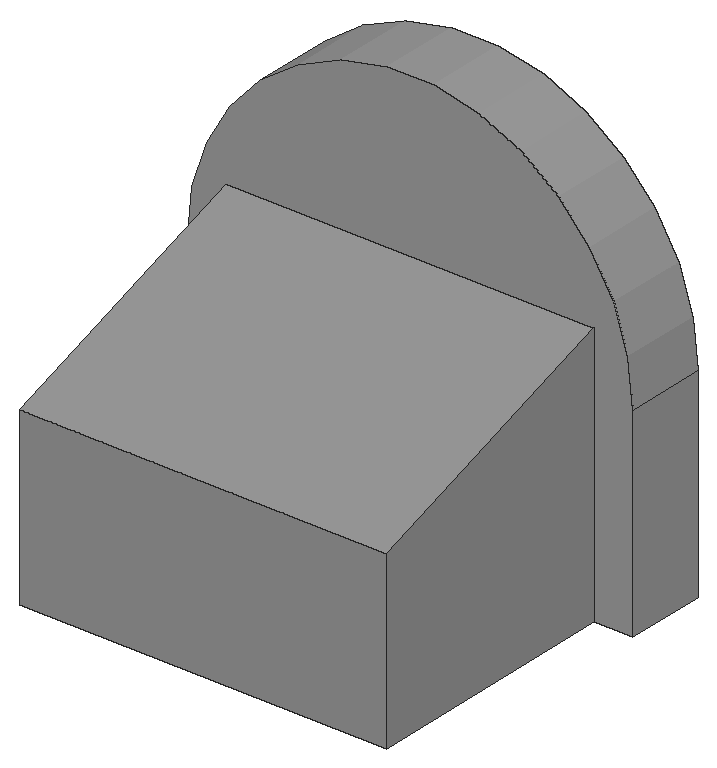
Revit family "AquaWave-Lavatory-1_Station-Willoughby-WAW-2311-DMF", category Plumbing Fixtures, Revit 2015
Parameters (values of type "Standard")
  water line = Copper
  Waste Connection = yes
  Vent Connection = no
  URL = "https://www.willoughby-ind.com/wp-content/uploads/2018/01/WAW-2311-DMF.pdf"
  Solid Surface Sink = Solid Surface Acrylic Resin-Willoughby
  Revision = "A"
  Model = "WAW-2311-DMF"
  Manufacturer = "Willoughby Industries"
  HW Connection = yes
  Fixture Body = Stainless Steel AISI 304-Willoughby
  Description = "Single Station Aquawave Lavatory"
  DRAIN RAD = DRAIN DIA / 2  # 3/4"
  DRAIN DIA = 1 1/2"
  HW INLET RAD = HW INLET DIA / 2  # 1/4"
  HW INLET DIA = 1/2"
  Default Elevation = 0' - 0"
  Contact Info = "(800) 428-4065"
  CW INLET RAD = CW INLET DIA / 2  # 1/4"
  CW INLET DIA = 1/2"
  CW Connection = yes
Reference planes (in)
  plane 1 "Center (Front/Back)": y = 0
  plane 2: z = 0
  plane 3 "Center (Left/Right)": x = 0
  plane 4: y = 20
  plane 5: y = 24
  plane 6: x = 6
  plane 7: x = 2
Forms (in)
  Extrusion 1, solid, material "Solid Surface Acrylic Resin-Willoughby" <- "Solid Surface Sink", detail levels fine
    sketch origin (0, 4.5, 0) x (1, 0, 0) y (0, 0, 1)
      loop
        line (6.25, 0) -> (6.25, 4)
        arc (6.25, 4) -> (5.66421, 5.41421) -> (4.25, 6) r 2
        line (4.25, 6) -> (-4.25, 6)
        arc (-4.25, 6) -> (-5.66421, 5.41421) -> (-6.25, 4) r 2
        line (-6.25, 4) -> (-6.25, 0) -> (6.25, 0)
    from -31 to -26.25
  Extrusion 2, solid, material "Solid Surface Acrylic Resin-Willoughby" <- "Solid Surface Sink", detail levels fine
    sketch origin (0, 4.5, 0) x (1, 0, 0) y (0, 0, 1)
      loop
        line (11, 0) -> (11, 10.01744)
        arc (11, 10.01744) -> (0, 21.01744) -> (-11, 10.01744) r 11
        line (-11, 10.01744) -> (-11, 0) -> (11, 0)
    from -29 to -25
  Extrusion 3, void, detail levels fine
    sketch origin (0, 4.5, 0) x (1, 0, 0) y (0, 0, 1)
      loop
        line (8, 5) -> (8, 10.01744)
        arc (8, 10.01744) -> (0, 18.01744) -> (-8, 10.01744) r 8
        line (-8, 10.01744) -> (-8, 5)
        arc (-8, 5) -> (-7.41421, 3.58579) -> (-6, 3) r 2
        line (-6, 3) -> (6, 3)
        arc (6, 3) -> (7.41421, 3.58579) -> (8, 5) r 2
    from -29 to -27
  Extrusion 4, solid, material "Stainless Steel AISI 304-Willoughby" <- "Fixture Body", detail levels fine
    sketch origin (-5.31377, -3.08932, 0) x (1, 0, 0) y (0, 1, 0)
      loop
        circle (5.31377, 28.08932) r 0.75
    from 0 to 1.4492
  Extrusion 5, solid, material "Copper" <- "water line", detail levels fine
    sketch origin (-3.25, 0, 0) x (1, 0, 0) y (0, 1, 0)
      loop
        circle (5.25, 26) r 0.25
    from 0 to 1.4492
  Extrusion 6, solid, material "Copper" <- "water line", detail levels fine
    sketch origin (-7.25, -2.26052, 0) x (1, 0, 0) y (0, 1, 0)
      loop
        circle (5.25, 28.26052) r 0.25
    from 0 to 1.4492
  Extrusion 7, solid, material "Stainless Steel AISI 304-Willoughby" <- "Fixture Body", detail levels medium+fine
    sketch origin (0, 0, 0) x (0, 1, 0) y (0, 0, 1)
      loop
        line (29.5, 0) -> (29.5, 13) -> (16.75, 8.625) -> (16.75, 0) -> (29.5, 0)
    from -9.0625 to 9.0625
Cuts and joins
  Extrusion 3 cuts Extrusion 2
  joined: Extrusion 1, Extrusion 2
Lines and regions (in)
  symbolic lines
    curve 1: line (8.75, 29.5, 0) -> (8.75, 17, 0)
    curve 2: line (8.75, 17, 0) -> (-8.75, 17, 0)
    curve 3: line (-8.75, 17, 0) -> (-8.75, 29.5, 0)
    curve 4: line (11, 29.5, 0) -> (-11, 29.5, 0)
    curve 5: line (-11, 29.5, 0) -> (-11, 33.5, 0)
    curve 6: line (-11, 33.5, 0) -> (11, 33.5, 0)
    curve 7: line (11, 33.5, 0) -> (11, 29.5, 0)
    curve 8: line (8.75, 18.6077, 0) -> (-8.75, 18.6077, 0)
    curve 18: line (11, 0, 0) -> (11, 0, 10.01744)
    curve 19: line (-11, 0, 10.01744) -> (-11, 0, 0)
    curve 20: line (-11, 0, 0) -> (11, 0, 0)
    curve 21: arc (11, 0, 10.01744) -> (0, 0, 21.01744) -> (-11, 0, 10.01744) r 11
    curve 30: line (0, 17, 0) -> (0, 33.5, 0)
    curve 31: line (0, 33.5, 0) -> (0, 33.5, 21.01744)
    curve 32: line (0, 33.5, 21.01744) -> (0, 29.5, 21.01744)
    curve 33: line (0, 29.5, 21.01744) -> (0, 29.5, 0)
    curve 34: line (0, 29.5, 10.75) -> (0, 18.6077, 6)
    curve 35: line (0, 18.6077, 6) -> (0, 17, 0)
  symbolic lines, detail levels medium+fine
    curve 9: line (-6.25, 33.5, 0) -> (-6.25, 37.5, 0)
    curve 10: line (-6.25, 37.5, 0) -> (6.25, 37.5, 0)
    curve 11: line (6.25, 37.5, 0) -> (6.25, 33.5, 0)
    curve 22: line (6.5, 0, 0) -> (6.5, 0, 4.75)
    curve 23: line (-6.5, 0, 0) -> (-6.5, 0, 4.75)
    curve 24: arc (6.5, 0, 4.75) -> (0, 0, 11.25) -> (-6.5, 0, 4.75) r 6.5
    curve 36: line (0, 33.5, 0) -> (0, 38.5, 0)
    curve 37: line (0, 38.5, 0) -> (0, 38.5, 11.25)
    curve 38: line (0, 38.5, 11.25) -> (0, 37.5, 11.25)
    curve 39: line (0, 37.5, 11.25) -> (0, 37.5, 0)
    curve 40: line (0, 35.5, 0) -> (0, 35.5, 10.75)
    curve 41: line (0, 35.5, 10.75) -> (0, 37.5, 10.75)
    curve 42: line (0, 35.5, 6) -> (0, 33.5, 6)
  symbolic lines, detail levels fine
    curve 12: line (6.25, 35.5, 0) -> (-6.25, 35.5, 0)
    curve 13: line (-6.25, 37.5, 0) -> (-6.5, 37.5, 0)
    curve 14: line (-6.5, 37.5, 0) -> (-6.5, 38.5, 0)
    curve 15: line (-6.5, 38.5, 0) -> (6.5, 38.5, 0)
    curve 16: line (6.5, 38.5, 0) -> (6.5, 37.5, 0)
    curve 17: line (6.5, 37.5, 0) -> (6.25, 37.5, 0)
    curve 25: arc (6.5, 0, 3.06351) -> (7.58114, 0, 3.77526) -> (8, 0, 5) r 2
    curve 26: arc (-6.5, 0, 3) -> (-7.57607, 0, 3.75545) -> (-8, 0, 5) r 2.12056
    curve 27: arc (8, 0, 10.01744) -> (0, 0, 18.01744) -> (-8, 0, 10.01744) r 8
    curve 28: line (8, 0, 5) -> (8, 0, 10.01744)
    curve 29: line (-8, 0, 5) -> (-8, 0, 10.01744)
  model lines
    curve 43: line (0, 16.75, 0) -> (0, 35.5, 0)
Dimensions and locks (in)
  plane 4 to plane 1 "Center (Front/Back)" = 1' - 8"
  plane 1 "Center (Front/Back)" to plane 5 = 2' - 0"  (x2)
  Extrusion 7 to Extrusion 7 = 1' - 6 1/8"
  cut or joined group of Extrusion 1, Extrusion 2, Extrusion 3 to plane 4 = 1' - 1 1/2"
  cut or joined group of Extrusion 1, Extrusion 2, Extrusion 3 to cut or joined group of Extrusion 1, Extrusion 2, Extrusion 3 = 1' - 10"
  plane 1 "Center (Front/Back)" to plane 4 = 1' - 8"
  plane 1 "Center (Front/Back)" to cut or joined group of Extrusion 1, Extrusion 2, Extrusion 3 = 2' - 9 1/2"
Connectors (in)
  piping at (-2, 26, 0), diameter 0.5, driven by "HW INLET RAD", driven by "HW Connection"
    settings: on Extrusion 6, index 1, connector inside diameter 1/2", connector length 0' - 0", flow factor 0, pipe flow 0 GPM, pressure drop 0.00 psi, fitting loss kfactor 0, connector angle 0.00°, fixture units 0, engagement length 0' - 0", angle of deflection 0.00°, flow configuration 0, flow direction 1, fitting loss method 0, system type 19, joint type 0, gender type 0, connector reference index -1, connector utility 1, adjustable connector no, is connector primary yes, connector description "Lav HW Supply"
  piping at (2, 26, 0), diameter 0.5, driven by "CW INLET RAD", driven by "CW Connection"
    settings: on Extrusion 5, index 2, connector inside diameter 1/2", connector length 0' - 0", flow factor 0, pipe flow 0 GPM, pressure drop 0.00 psi, fitting loss kfactor 0, connector angle 0.00°, fixture units 0, engagement length 0' - 0", angle of deflection 0.00°, flow configuration 0, flow direction 1, fitting loss method 0, system type 20, joint type 0, gender type 0, connector reference index -1, connector utility 1, adjustable connector no, is connector primary no, connector description "Lav CW Supply"
  piping at (0, 25, 0), diameter 1.5, driven by "DRAIN RAD", driven by "Waste Connection"
    settings: on Extrusion 4, index 4, connector inside diameter 1 1/2", connector length 0' - 0", flow factor 0, pipe flow 0 GPM, pressure drop 0.00 psi, fitting loss kfactor 0, connector angle 0.00°, fixture units 0, engagement length 0' - 0", angle of deflection 0.00°, flow configuration 0, flow direction 2, fitting loss method 0, system type 16, joint type 0, gender type 0, connector reference index -1, connector utility 1, adjustable connector yes, is connector primary no, connector description "Lav Drain"
